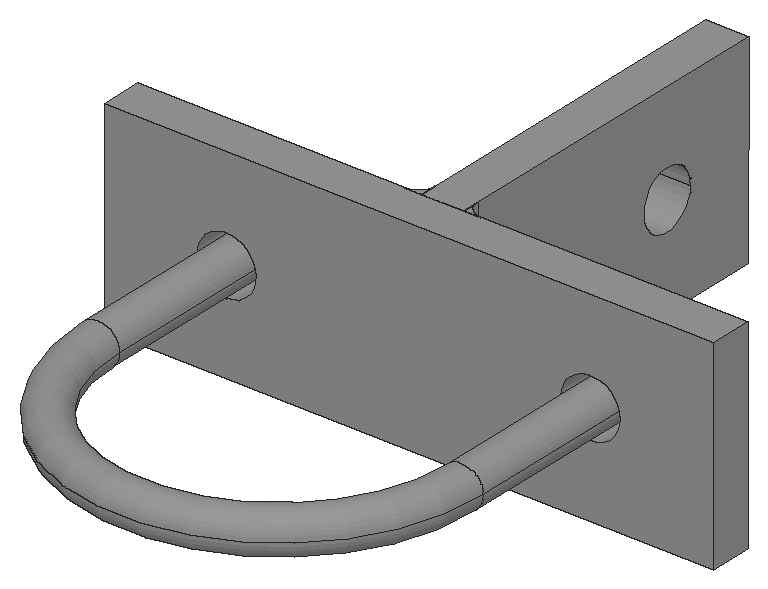
Revit family "BCA-K238(3-4)", category Site, Revit 2025
Family settings
  Round Connector Dimension = Use Diameter
  Part Type = Normal
  Work Plane-Based = No
  Always vertical = Yes
  Cut with Voids When Loaded = No
  Shared = No
Parameters (values of type "Postech-Vistech BCA-K238(3-4)")
  L/2 Plate-pile = 0' - 2 1/4"
  L PLate-C = 0' - 2 5/8"
  Dist Holes plate-pile = 0' - 0 29/32"
Reference planes (in)
  plane 1 "Center (Front/Back)": y = 0
  plane 2: z = 0
  plane 3 "Center (Left/Right)": x = 0
Forms (in)
  Extrusion 1, solid, material "Galvanized"
    sketch origin (0, 0, 0) x (1, 0, 0) y (0, 0, 1)
      loop
        line (2.25, 0) -> (2.25, 1.5) -> (-2.25, 1.5) -> (-2.25, 0) -> (2.25, 0)
      loop
        circle (-1.34375, 0.75) r 0.21875
      loop
        circle (1.34375, 0.75) r 0.21875
    from 0 to 0.3125
  Extrusion 2, solid, material "Galvanized"
    sketch origin (0, 0, 0) x (0, 1, 0) y (0, 0, 1)
      loop
        line (0, 1.5) -> (0, 0) -> (2.625, 0) -> (2.625, 1.5) -> (0, 1.5)
      loop
        circle (1.875, 0.75) r 0.21875
    from -0.15625 to 0.15625
  Sweep 3, solid, material "Galvanized"
    path in 3D
      loop
        line (0.15625, 0, 1.5) -> (0.15625, 0, 0)
    profile origin (0.15625, 0, 0.75) x (1, 0, 0) y (0, 1, 0)
      loop
        arc (0.125, 0) -> (0.03661, 0.03661) -> (0, 0.125) r 0.125
        line (0, 0.125) -> (0, 0) -> (0.125, 0)
  Sweep 4, solid, material "Galvanized"
    path in 3D
      loop
        line (-0.15625, 0, 1.5) -> (-0.15625, 0, 0)
    profile origin (-0.15625, 0, 0.75) x (-1, 0, 0) y (0, -1, 0)
      loop
        line (0.125, 0) -> (0, 0) -> (0, -0.125)
        arc (0, -0.125) -> (0.03661, -0.03661) -> (0.125, 0) r 0.125
Lines and regions (in)
  sketch lines
    curve 1: line (0.15625, 0, 1.5) -> (0.15625, 0, 0)
    curve 2: line (-0.15625, 0, 1.5) -> (-0.15625, 0, 0)
Dimensions and locks (in)
  "Dist Holes plate-pile": Extrusion 1 sketch curve to Extrusion 1 sketch curve  (x2)
  "L PLate-C": Extrusion 1 to Extrusion 2 sketch curve
  "L/2 Plate-pile": plane 3 "Center (Left/Right)" to Extrusion 1 sketch curve  (x2)
Automatic sketch dimensions
  Sweep 3 sketch curve to profile plane = 0' - 0"
  profile plane to Sweep 3 sketch curve = 0' - 0"
  profile plane to Sweep 3 sketch curve = 0' - 0 1/8"
  Sweep 4 sketch curve to profile plane = 0' - 0"  (x2)
  profile plane to Sweep 4 sketch curve = 0' - 0 1/8"
  Extrusion 1 sketch curve to level = 0' - 0"
  level to Extrusion 1 sketch curve = 0' - 0 3/4"  (x2)
  Extrusion 1 sketch curve to Extrusion 1 sketch curve = 0' - 0 3/4"
  Extrusion 2 sketch curve to plane 1 "Center (Front/Back)" = 0' - 0"
  Extrusion 2 sketch curve to level = 0' - 0"
  Extrusion 2 sketch curve to Extrusion 2 sketch curve = 0' - 0 3/4"  (x2)
  level to Extrusion 2 sketch curve = 0' - 0 3/4"
  radius of Extrusion 1 sketch curve = 0' - 0 7/32"  (x2)
  radius of Extrusion 2 sketch curve = 0' - 0 7/32"
Nested families (in)
  nested 1: "BCA-K238(4)" at (0, -1.50245, 0.75), type "Postech-Vistech BCA-K238(4)"
Definition of nested family "BCA-K238(4)"
  Reference planes (in)
    plane 1 "Center (Front/Back)": y = 0
    plane 2: z = 0
    plane 3 "Center (Left/Right)": x = 0
  Forms (in)
    Sweep 1, solid
      path origin (0, 0, 0) x (1, 0, 0) y (0, 1, 0)
        loop
          line (-1.34375, -2.25) -> (-1.34375, 0)
          arc (-1.34375, 0) -> (0, 1.34375) -> (1.34375, 0) r 1.34375
          line (1.34375, 0) -> (1.34375, -2.25)
      profile origin (0, 1.34375, 0) x (0, 1, 0) y (0, 0, 1)
        loop
          circle (0, 0) r 0.15625
    Extrusion 2, solid
      sketch origin (0, 0, 0) x (1, 0, 0) y (0, 0, 1)
        loop
          line (-1.16381, -0.31166) -> (-0.98387, 0) -> (-1.16381, 0.31166) -> (-1.52369, 0.31166) -> (-1.70363, 0) -> (-1.52369, -0.31166) -> (-1.16381, -0.31166)
        loop
          circle (-1.34375, 0) r 0.15625
        loop
          line (1.52369, -0.31166) -> (1.70363, 0) -> (1.52369, 0.31166) -> (1.16381, 0.31166) -> (0.98387, 0) -> (1.16381, -0.31166) -> (1.52369, -0.31166)
        loop
          circle (1.34375, 0) r 0.15625
      from 1.49744 to 1.82569
